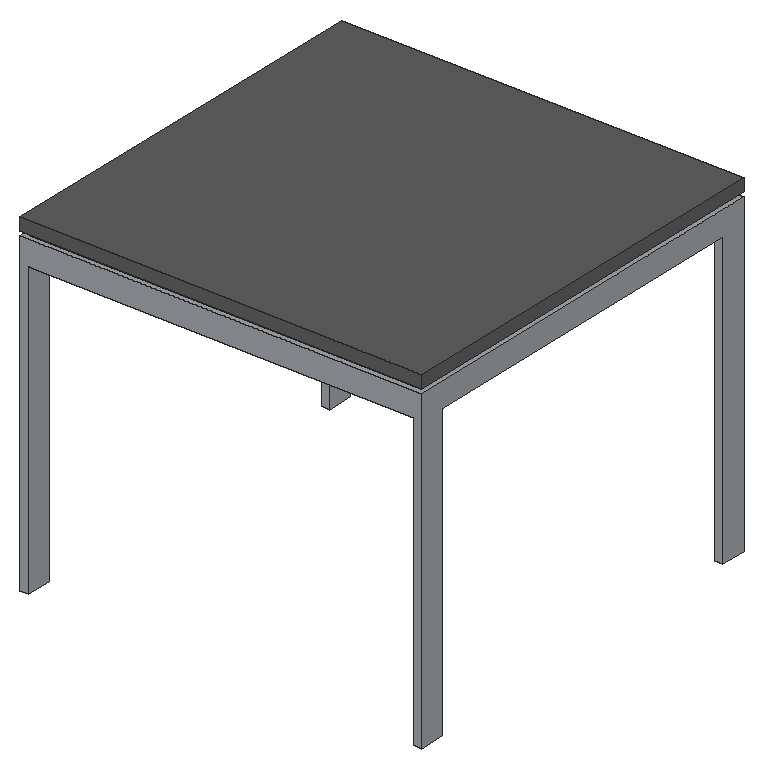
Revit family
Parameters
  URL = "http://www.martinbrattrud.com"
  Table Top [instance] = none
  SCS Certified Product = "Yes"
  Model = "Lundin 1006-24SH"
  Manufacturer = "Martin Brattrud, Inc."
  Leg [instance] = none
  Keynote = "125000"
  Copyright = "© 2013 Martin Brattrud, Inc."
  Authoring Version = "Revit Architecture 2010"
  Assembly Code = "E2020200"
Reference planes (in)
  plane 1 "Center Front/Back": y = 0
  plane 2: z = 0
  plane 3 "Center Left/Right": x = 0
Forms (in)
  Extrusion 1, solid, material <- "Table Top"
    sketch origin (0, 0, 0) x (1, 0, 0) y (0, 1, 0)
      loop
        line (-12, 12) -> (-12, -12) -> (12, -12) -> (12, 12) -> (-12, 12)
    from 19.25 to 20
  Extrusion 2, solid, material <- "Table Top"
    sketch origin (0, 0, 0) x (1, 0, 0) y (0, 1, 0)
      loop
        line (11.6875, 11.6875) -> (-11.6875, 11.6875) -> (-11.6875, -11.6875) -> (11.6875, -11.6875) -> (11.6875, 11.6875)
    from 18.5217 to 19.25
  Extrusion 3, solid, material <- "Leg"
    sketch origin (0, 0, 0) x (0, 1, 0) y (0, 0, 1)
      loop
        line (12, 0) -> (12, 19) -> (-12, 19) -> (-12, 0) -> (-10.5, 0) -> (-10.5, 17.5) -> (10.5, 17.5) -> (10.5, 0) -> (12, 0)
    from 11.5 to 12
  Extrusion 4, solid, material <- "Leg"
    sketch origin (0, 0, 0) x (0, 1, 0) y (0, 0, -1)
      loop
        line (12, 0) -> (10.5, 0) -> (10.5, -17.5) -> (-10.5, -17.5) -> (-10.5, 0) -> (-12, 0) -> (-12, -19) -> (12, -19) -> (12, 0)
    from 11.5 to 12
  Extrusion 5, solid, material <- "Leg"
    sketch origin (0, 0, 0) x (0, 1, 0) y (0, 0, 1)
      loop
        line (12, 19) -> (11.5, 19) -> (11.5, 17.5) -> (12, 17.5) -> (12, 19)
      loop
        line (-12, 19) -> (-12, 17.5) -> (-11.5, 17.5) -> (-11.5, 19) -> (-12, 19)
    from -11.5 to 11.5
Cuts and joins
  joined: Extrusion 3, Extrusion 4, Extrusion 5
